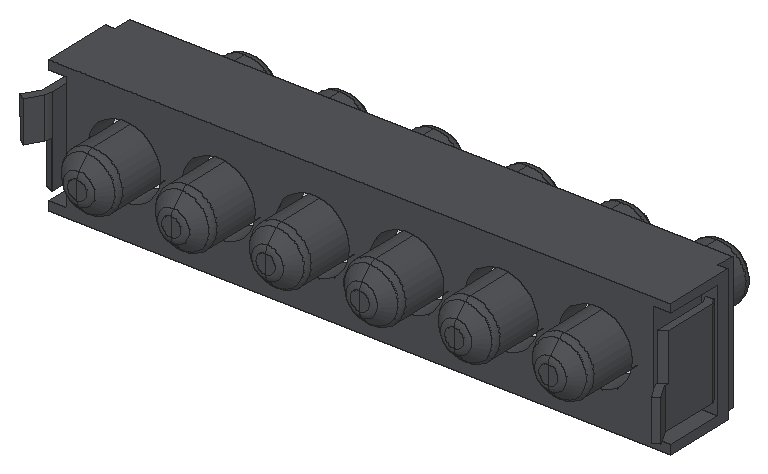
Revit family "ST 6 fibres", category Installations électriques, Revit 2020
Family settings
  Conserver l'orientation des annotations = Non
  Cote de connecteur circulaire = Utiliser le diamètre
  Type d'élément = Normal
  Basée sur le plan de construction = Non
  Toujours verticalement = Oui
  Couper avec des vides une fois chargée = Non
  Partagée = Non
  Point de calcul de pièce = Non
Parameters (values of type "Bloc ST 6 fibres multimode")
  Type de fibre optique = "Multimode"
  Type de connecteur interne = "ST_DUPLEX"
  Type de connecteur externe = "ST_DUPLEX"
  Température de stockage = "-10°C à 60°C"
  Température de fonctionnement = "-10°C à 60°C"
  Référence Legrand = "032127"
  RAL = "9017"
  Profondeur = 38.7 mm
  Nombre de connecteurs = 6
  Lien e-catalogue = "https://www.legrand.fr/reference/032127/pro"
  Libellé BIM = "Bloc ST 6 fibres multimode"
  Largeur (mm) = 108.8 mm
  IP = "IP20"
  IK = "IK04"
  Hauteur = 23 mm
  Fonction = "Panneaux de brassage à connecteur optique Legrand"
  Elévation par défaut = 0 mm
  EAN = "3414970961914"
  Couleur des connecteurs = IDS_NOIR
  Couleur = IDS_NOIR
  Classe ETIM = "EC001130"
Types (2, lengths in mm): name | Type de fibre optique | Référence Legrand | Lien e-catalogue | Libellé BIM | EAN | Couleur des connecteurs
  Bloc ST 6 fibres monomode | "Monomode" | "032117" | "https://www.legrand.fr/reference/032117/pro" | "Bloc ST 6 fibres monomode" | "3414970961792" | IDS_ROUGE
  Bloc ST 6 fibres multimode | "Multimode" | "032127" | "https://www.legrand.fr/reference/032127/pro" | "Bloc ST 6 fibres multimode" | "3414970961914" | IDS_NOIR
Reference planes
  plane 1 "Centre (avant/arrière)": y = 0
  plane 2: z = 0
  plane 3 "Centre (gauche/droite)": x = 0
  plane 4 "Clip bas": z = 4
  plane 5 "Clip haut": z = 19
  plane 6: x = 105.5
  plane 7: x = 52.75
  plane 8: through (0.797, -2.504, 1200) normal (-0.866, 0.5, 0)
  plane 9: z = 12
  plane 10: x = 12.75
  plane 11: x = 28.75
  plane 12: z = 23
  plane 13: x = 44.75
  plane 14: x = 60.75
  plane 15: x = 76.75
  plane 16: x = 92.75
  plane 17: y = -3.5
  plane 18: y = 25.5
  plane 19: y = 11
Forms (mm)
  Extrusion 1, solid, material "IDS_NOIR"
    sketch origin (0, 0, 0) x (1, 0, 0) y (0, 1, 0)
      loop
        line (0, 0) -> (105.5, 0) -> (105.5, 12) -> (103.9, 12) -> (103.9, 15) -> (1.6, 15) -> (1.6, 12) -> (0, 12) -> (0, 0)
    from 0 to 23
  Extrusion 2, void
    sketch origin (0, 0, 0) x (-1, 0, 0) y (0, 0, 1)
      loop
        line (0, 21.5) -> (-3, 21.5) -> (-3, 1.5) -> (0, 1.5) -> (0, 21.5)
      loop
        line (-105.5, 21.5) -> (-105.5, 1.5) -> (-102.5, 1.5) -> (-102.5, 21.5) -> (-105.5, 21.5)
    from 0 to 10
  Extrusion 3, solid, material "IDS_NOIR"
    sketch origin (0, 25.162, 4) x (0, 1, 0) y (-1, 0, 0)
      loop
        line (-29.912, 0.5) -> (-27.374, -0.965)
        arc (-27.374, -0.965) -> (-26.771, -1.215) -> (-26.124, -1.3) r 2.5
        line (-26.124, -1.3) -> (-16.662, -1.3) -> (-15.162, -2.166) -> (-15.162, -0.665) -> (-16.313, 0) -> (-26.446, 0) -> (-29.262, 1.626) -> (-29.912, 0.5)
      loop
        line (-29.912, -106) -> (-29.262, -107.126) -> (-26.446, -105.5) -> (-16.313, -105.5) -> (-15.162, -104.835) -> (-15.162, -103.334) -> (-16.662, -104.2) -> (-26.124, -104.2)
        arc (-26.124, -104.2) -> (-26.771, -104.285) -> (-27.374, -104.535) r 2.5
        line (-27.374, -104.535) -> (-29.912, -106)
    from 0 to 15
  Extrusion 4, void
    sketch origin (0.797, -2.504, 1200) x (0.5, 0.866025, 0) y (0, 0, 1)
      loop
        line (-2.593, -1196) -> (1.407, -1196) -> (1.407, -1188) -> (-2.593, -1188) -> (-2.593, -1196)
    from 0 to -2.615
  Extrusion 5, void
    sketch origin (104.703, -2.504, 1200) x (-0.5, 0.866025, 0) y (0, 0, -1)
      loop
        line (-2.593, 1181) -> (1.407, 1181) -> (1.407, 1189) -> (-2.593, 1189) -> (-2.593, 1181)
    from 0 to -2.615
  Extrusion 6, void
    sketch origin (0, 0, 0) x (-1, 0, 0) y (0, 0, 1)
      loop
        circle (-12.75, 12) r 6.25
      loop
        circle (-28.75, 12) r 6.25
      loop
        circle (-44.75, 12) r 6.25
      loop
        circle (-60.75, 12) r 6.25
      loop
        circle (-76.75, 12) r 6.25
      loop
        circle (-92.75, 12) r 6.25
    from 0 to 15
  Extrusion 7, solid, material "IDS_BLANC"
    sketch origin (-10, 15, 0) x (1, 0, 0) y (0, 0, -1)
      loop
        circle (22.75, -12) r 5.5
      loop
        circle (38.75, -12) r 5.5
      loop
        circle (54.75, -12) r 5.5
      loop
        circle (70.75, -12) r 5.5
      loop
        circle (86.75, -12) r 5.5
      loop
        circle (102.75, -12) r 5.5
    from 0 to -11
  Revolve 8, solid, material "IDS_NOIR" <- "Couleur des connecteurs"
    sketch origin (12.75, -1524, 1.878) x (0, 0, -1) y (0, -1, 0)
      loop
        line (-15.122, -1528) -> (-10.122, -1528) -> (-10.122, -1514) -> (-11.747, -1514)
        arc (-11.747, -1514) -> (-12.321, -1514.114) -> (-12.807, -1514.439) r 1.5
        line (-12.807, -1514.439) -> (-14.682, -1516.315)
        arc (-14.682, -1516.315) -> (-15.008, -1516.801) -> (-15.122, -1517.375) r 1.5
        line (-15.122, -1517.375) -> (-15.122, -1528)
      axis (-10.122, -1514) -> (-10.122, -1528)
    angle from 0 to 360
  Revolve 9, solid, material "IDS_NOIR" <- "Couleur des connecteurs"
    sketch origin (12.75, 1542.962, 1.878) x (0, 0, -1) y (0, -1, 0)
      loop
        line (-15.122, 1527.962) -> (-15.122, 1517.375)
        arc (-15.122, 1517.375) -> (-15.008, 1516.801) -> (-14.682, 1516.315) r 1.5
        line (-14.682, 1516.315) -> (-12.769, 1514.401)
        arc (-12.769, 1514.401) -> (-12.283, 1514.076) -> (-11.709, 1513.962) r 1.5
        line (-11.709, 1513.962) -> (-10.122, 1513.962) -> (-10.122, 1527.962) -> (-15.122, 1527.962)
      axis (-10.122, 1513.962) -> (-10.122, 1527.962)
    angle from 0 to 360
  Revolve 10, solid, material "IDS_NOIR" <- "Couleur des connecteurs"
    sketch origin (28.75, -1524, 1.878) x (0, 0, -1) y (0, -1, 0)
      loop
        line (-15.122, -1528) -> (-10.122, -1528) -> (-10.122, -1514) -> (-11.747, -1514)
        arc (-11.747, -1514) -> (-12.321, -1514.114) -> (-12.807, -1514.439) r 1.5
        line (-12.807, -1514.439) -> (-14.682, -1516.315)
        arc (-14.682, -1516.315) -> (-15.008, -1516.801) -> (-15.122, -1517.375) r 1.5
        line (-15.122, -1517.375) -> (-15.122, -1528)
      axis (-10.122, -1514) -> (-10.122, -1528)
    angle from 0 to 360
  Revolve 11, solid, material "IDS_NOIR" <- "Couleur des connecteurs"
    sketch origin (28.75, 1542.962, 1.878) x (0, 0, -1) y (0, -1, 0)
      loop
        line (-15.122, 1527.962) -> (-15.122, 1517.375)
        arc (-15.122, 1517.375) -> (-15.008, 1516.801) -> (-14.682, 1516.315) r 1.5
        line (-14.682, 1516.315) -> (-12.769, 1514.401)
        arc (-12.769, 1514.401) -> (-12.283, 1514.076) -> (-11.709, 1513.962) r 1.5
        line (-11.709, 1513.962) -> (-10.122, 1513.962) -> (-10.122, 1527.962) -> (-15.122, 1527.962)
      axis (-10.122, 1513.962) -> (-10.122, 1527.962)
    angle from 0 to 360
  Revolve 12, solid, material "IDS_NOIR" <- "Couleur des connecteurs"
    sketch origin (44.75, -1524, 1.878) x (0, 0, -1) y (0, -1, 0)
      loop
        line (-15.122, -1528) -> (-10.122, -1528) -> (-10.122, -1514) -> (-11.747, -1514)
        arc (-11.747, -1514) -> (-12.321, -1514.114) -> (-12.807, -1514.439) r 1.5
        line (-12.807, -1514.439) -> (-14.682, -1516.315)
        arc (-14.682, -1516.315) -> (-15.008, -1516.801) -> (-15.122, -1517.375) r 1.5
        line (-15.122, -1517.375) -> (-15.122, -1528)
      axis (-10.122, -1514) -> (-10.122, -1528)
    angle from 0 to 360
  Revolve 13, solid, material "IDS_NOIR" <- "Couleur des connecteurs"
    sketch origin (44.75, 1542.962, 1.878) x (0, 0, -1) y (0, -1, 0)
      loop
        line (-15.122, 1527.962) -> (-15.122, 1517.375)
        arc (-15.122, 1517.375) -> (-15.008, 1516.801) -> (-14.682, 1516.315) r 1.5
        line (-14.682, 1516.315) -> (-12.769, 1514.401)
        arc (-12.769, 1514.401) -> (-12.283, 1514.076) -> (-11.709, 1513.962) r 1.5
        line (-11.709, 1513.962) -> (-10.122, 1513.962) -> (-10.122, 1527.962) -> (-15.122, 1527.962)
      axis (-10.122, 1513.962) -> (-10.122, 1527.962)
    angle from 0 to 360
  Revolve 14, solid, material "IDS_NOIR" <- "Couleur des connecteurs"
    sketch origin (60.75, -1524, 1.878) x (0, 0, -1) y (0, -1, 0)
      loop
        line (-15.122, -1528) -> (-10.122, -1528) -> (-10.122, -1514) -> (-11.747, -1514)
        arc (-11.747, -1514) -> (-12.321, -1514.114) -> (-12.807, -1514.439) r 1.5
        line (-12.807, -1514.439) -> (-14.682, -1516.315)
        arc (-14.682, -1516.315) -> (-15.008, -1516.801) -> (-15.122, -1517.375) r 1.5
        line (-15.122, -1517.375) -> (-15.122, -1528)
      axis (-10.122, -1514) -> (-10.122, -1528)
    angle from 0 to 360
  Revolve 15, solid, material "IDS_NOIR" <- "Couleur des connecteurs"
    sketch origin (60.75, 1542.962, 1.878) x (0, 0, -1) y (0, -1, 0)
      loop
        line (-15.122, 1527.962) -> (-15.122, 1517.375)
        arc (-15.122, 1517.375) -> (-15.008, 1516.801) -> (-14.682, 1516.315) r 1.5
        line (-14.682, 1516.315) -> (-12.769, 1514.401)
        arc (-12.769, 1514.401) -> (-12.283, 1514.076) -> (-11.709, 1513.962) r 1.5
        line (-11.709, 1513.962) -> (-10.122, 1513.962) -> (-10.122, 1527.962) -> (-15.122, 1527.962)
      axis (-10.122, 1513.962) -> (-10.122, 1527.962)
    angle from 0 to 360
  Revolve 16, solid, material "IDS_NOIR" <- "Couleur des connecteurs"
    sketch origin (76.75, -1524, 1.878) x (0, 0, -1) y (0, -1, 0)
      loop
        line (-15.122, -1528) -> (-10.122, -1528) -> (-10.122, -1514) -> (-11.747, -1514)
        arc (-11.747, -1514) -> (-12.321, -1514.114) -> (-12.807, -1514.439) r 1.5
        line (-12.807, -1514.439) -> (-14.682, -1516.315)
        arc (-14.682, -1516.315) -> (-15.008, -1516.801) -> (-15.122, -1517.375) r 1.5
        line (-15.122, -1517.375) -> (-15.122, -1528)
      axis (-10.122, -1514) -> (-10.122, -1528)
    angle from 0 to 360
  Revolve 17, solid, material "IDS_NOIR" <- "Couleur des connecteurs"
    sketch origin (76.75, 1542.962, 1.878) x (0, 0, -1) y (0, -1, 0)
      loop
        line (-15.122, 1527.962) -> (-15.122, 1517.375)
        arc (-15.122, 1517.375) -> (-15.008, 1516.801) -> (-14.682, 1516.315) r 1.5
        line (-14.682, 1516.315) -> (-12.769, 1514.401)
        arc (-12.769, 1514.401) -> (-12.283, 1514.076) -> (-11.709, 1513.962) r 1.5
        line (-11.709, 1513.962) -> (-10.122, 1513.962) -> (-10.122, 1527.962) -> (-15.122, 1527.962)
      axis (-10.122, 1513.962) -> (-10.122, 1527.962)
    angle from 0 to 360
  Revolve 18, solid, material "IDS_NOIR" <- "Couleur des connecteurs"
    sketch origin (92.75, -1524, 1.878) x (0, 0, -1) y (0, -1, 0)
      loop
        line (-15.122, -1528) -> (-10.122, -1528) -> (-10.122, -1514) -> (-11.747, -1514)
        arc (-11.747, -1514) -> (-12.321, -1514.114) -> (-12.807, -1514.439) r 1.5
        line (-12.807, -1514.439) -> (-14.682, -1516.315)
        arc (-14.682, -1516.315) -> (-15.008, -1516.801) -> (-15.122, -1517.375) r 1.5
        line (-15.122, -1517.375) -> (-15.122, -1528)
      axis (-10.122, -1514) -> (-10.122, -1528)
    angle from 0 to 360
  Revolve 19, solid, material "IDS_NOIR" <- "Couleur des connecteurs"
    sketch origin (92.75, 1542.962, 1.878) x (0, 0, -1) y (0, -1, 0)
      loop
        line (-15.122, 1527.962) -> (-15.122, 1517.375)
        arc (-15.122, 1517.375) -> (-15.008, 1516.801) -> (-14.682, 1516.315) r 1.5
        line (-14.682, 1516.315) -> (-12.769, 1514.401)
        arc (-12.769, 1514.401) -> (-12.283, 1514.076) -> (-11.709, 1513.962) r 1.5
        line (-11.709, 1513.962) -> (-10.122, 1513.962) -> (-10.122, 1527.962) -> (-15.122, 1527.962)
      axis (-10.122, 1513.962) -> (-10.122, 1527.962)
    angle from 0 to 360
Cuts and joins
  Extrusion 2, Extrusion 6 cuts Extrusion 1
  Extrusion 4, Extrusion 5 cuts Extrusion 3
Dimensions and locks
  locked: plane 1 "Centre (avant/arrière)" to Extrusion 1 sketch curve at 15
  locked: Extrusion 1 sketch curve to Extrusion 1 sketch curve at 105.5
  locked: Extrusion 1 sketch curve to Extrusion 1 sketch curve at 1.6  (x2)
  locked: Extrusion 1 sketch curve to Extrusion 1 sketch curve at 12
  locked: Extrusion 2 sketch curve to level at 1.5
  locked: Extrusion 1 to Extrusion 2 sketch curve at 1.5
  locked: Extrusion 2 sketch curve to plane 3 "Centre (gauche/droite)" at 3
  locked: Extrusion 2 sketch curve to Extrusion 1 at 3
  plane 4 "Clip bas" to level = 4 mm
  cut or joined group of Extrusion 1, Extrusion 2, Extrusion 6 to plane 5 "Clip haut" = 4 mm
  locked: Extrusion 3 sketch curve to plane 3 "Centre (gauche/droite)" at 0.5
  locked: Extrusion 3 sketch curve to plane 1 "Centre (avant/arrière)" at 4.75
  locked: plane 3 "Centre (gauche/droite)" to Extrusion 3 sketch curve at 1.3
  plane 1 "Centre (avant/arrière)" to Extrusion 3 sketch curve = 8.5 mm
  equal spacing: plane 3 "Centre (gauche/droite)", plane 7, plane 6, locked at 52.75 each
  locked: Extrusion 3 to Extrusion 4 sketch curve at 4
  locked: Extrusion 3 to Extrusion 4 sketch curve at 8
  cut or joined group of Extrusion 3, Extrusion 4, Extrusion 5 to Extrusion 5 sketch curve = 8 mm
  Extrusion 5 sketch curve to cut or joined group of Extrusion 3, Extrusion 4, Extrusion 5 = 4 mm
  locked: plane 12 to level at 23
  locked: plane 17 to cut or joined group of Extrusion 1, Extrusion 2, Extrusion 6 at 3.5
  locked: plane 18 to cut or joined group of Extrusion 1, Extrusion 2, Extrusion 6 at 10.5
  equal spacing: plane 18, plane 19, plane 17
  locked: plane 10 to plane 3 "Centre (gauche/droite)" at 12.75
  locked: plane 6 to plane 16 at 12.75
  plane 10 to plane 11 to plane 13 to plane 14 to plane 15 to plane 16 = 16 mm locked, 16 mm locked, 16 mm locked, 16 mm locked, 16 mm locked
  plane 9 to level = 12 mm
  Extrusion 7 to Revolve 8 sketch curve = 14 mm
  Revolve 8 sketch curve to Revolve 8 sketch curve = 1.625 mm
  Revolve 8 sketch curve to Revolve 8 sketch curve = 5 mm
  Revolve 9 sketch curve to Revolve 9 sketch curve = 1.587 mm
  Revolve 9 sketch curve to Revolve 9 sketch curve = 5 mm
  Revolve 9 sketch curve to cut or joined group of Extrusion 1, Extrusion 2, Extrusion 6 = 14 mm
  Revolve 10 sketch curve to Revolve 10 sketch curve = 1.625 mm
  Revolve 10 sketch curve to Revolve 10 sketch curve = 5 mm
  Revolve 11 sketch curve to Revolve 11 sketch curve = 1.587 mm
  Revolve 11 sketch curve to Revolve 11 sketch curve = 5 mm
  Revolve 12 sketch curve to Revolve 12 sketch curve = 1.625 mm
  Revolve 12 sketch curve to Revolve 12 sketch curve = 5 mm
  Revolve 13 sketch curve to Revolve 13 sketch curve = 1.587 mm
  Revolve 13 sketch curve to Revolve 13 sketch curve = 5 mm
  Revolve 14 sketch curve to Revolve 14 sketch curve = 1.625 mm
  Revolve 14 sketch curve to Revolve 14 sketch curve = 5 mm
  Revolve 15 sketch curve to Revolve 15 sketch curve = 1.587 mm
  Revolve 15 sketch curve to Revolve 15 sketch curve = 5 mm
  Revolve 16 sketch curve to Revolve 16 sketch curve = 1.625 mm
  Revolve 16 sketch curve to Revolve 16 sketch curve = 5 mm
  Revolve 17 sketch curve to Revolve 17 sketch curve = 1.587 mm
  Revolve 17 sketch curve to Revolve 17 sketch curve = 5 mm
  Revolve 18 sketch curve to Revolve 18 sketch curve = 1.625 mm
  Revolve 18 sketch curve to Revolve 18 sketch curve = 5 mm
  Revolve 19 sketch curve to Revolve 19 sketch curve = 1.587 mm
  Revolve 19 sketch curve to Revolve 19 sketch curve = 5 mm
  radius of Extrusion 7 sketch curve = 5.5 mm
  locked: cut or joined group of Extrusion 1, Extrusion 2, Extrusion 6 to Extrusion 3 sketch curve (angle 60.00°)
  angle Revolve 8 sketch curve to Revolve 8 sketch curve = 45.00°
  angle Revolve 9 sketch curve to Revolve 9 sketch curve = 45.00°
  angle Revolve 10 sketch curve to Revolve 10 sketch curve = 45.00°
  angle Revolve 11 sketch curve to Revolve 11 sketch curve = 45.00°
  angle Revolve 12 sketch curve to Revolve 12 sketch curve = 45.00°
  angle Revolve 13 sketch curve to Revolve 13 sketch curve = 45.00°
  angle Revolve 14 sketch curve to Revolve 14 sketch curve = 45.00°
  angle Revolve 15 sketch curve to Revolve 15 sketch curve = 45.00°
  angle Revolve 16 sketch curve to Revolve 16 sketch curve = 45.00°
  angle Revolve 17 sketch curve to Revolve 17 sketch curve = 45.00°
  angle Revolve 18 sketch curve to Revolve 18 sketch curve = 45.00°
  angle Revolve 19 sketch curve to Revolve 19 sketch curve = 45.00°
  aligned and locked: level to plane 2
  aligned and locked: plane 5 "Clip haut" to Extrusion 3
  aligned and locked: Extrusion 3 to plane 4 "Clip bas"
  aligned and locked: plane 6 to cut or joined group of Extrusion 1, Extrusion 2, Extrusion 6
  aligned and locked: Extrusion 4 sketch curve to Extrusion 3
  aligned and locked: Extrusion 3 to Extrusion 4 sketch curve
  aligned and locked: plane 8 to Extrusion 3
  aligned and locked: Extrusion 5 sketch curve to cut or joined group of Extrusion 3, Extrusion 4, Extrusion 5
  aligned and locked: plane 12 to cut or joined group of Extrusion 1, Extrusion 2, Extrusion 6
  aligned and locked: Extrusion 2 sketch curve to Extrusion 2 sketch curve  (x2)
  aligned and locked: cut or joined group of Extrusion 1, Extrusion 2, Extrusion 6 to Extrusion 6
  aligned and locked: Revolve 9 sketch curve to Revolve 9 sketch curve
  aligned and locked: Revolve 11 sketch curve to Revolve 11 sketch curve
  aligned and locked: Revolve 13 sketch curve to Revolve 13 sketch curve
  aligned and locked: Revolve 15 sketch curve to Revolve 15 sketch curve
  aligned and locked: Revolve 17 sketch curve to Revolve 17 sketch curve
  aligned and locked: Revolve 19 sketch curve to Revolve 19 sketch curve
Automatic sketch dimensions
  plane 1 "Centre (avant/arrière)" to Extrusion 1 sketch curve = 0 mm
  Extrusion 1 sketch curve to plane 3 "Centre (gauche/droite)" = 0 mm
  plane 19 to Extrusion 1 sketch curve = 1 mm
  plane 6 to Extrusion 2 sketch curve = 0 mm
  Extrusion 2 sketch curve to plane 3 "Centre (gauche/droite)" = 0 mm
  Extrusion 3 sketch curve to plane 6 = 0 mm
  Extrusion 3 sketch curve to plane 3 "Centre (gauche/droite)" = 0 mm
  Extrusion 3 sketch curve to plane 17 = 1.25 mm
  Extrusion 3 sketch curve to plane 17 = 0.6 mm  (x2)
  plane 3 "Centre (gauche/droite)" to Extrusion 3 sketch curve = 0.965 mm
  plane 17 to Extrusion 3 sketch curve = 1.288 mm
  plane 1 "Centre (avant/arrière)" to Extrusion 3 sketch curve = 1.284 mm
  plane 1 "Centre (avant/arrière)" to Extrusion 3 sketch curve = 0.962 mm  (x2)
  Extrusion 3 sketch curve to plane 19 = 2.5 mm
  Extrusion 3 sketch curve to Extrusion 3 sketch curve = 0.348 mm  (x2)
  Extrusion 3 sketch curve to plane 19 = 1 mm  (x2)
  Extrusion 3 sketch curve to plane 6 = 0.5 mm
  Extrusion 3 sketch curve to plane 6 = 1.2 mm
  plane 6 to Extrusion 3 sketch curve = 0.665 mm
  Extrusion 3 sketch curve to Extrusion 3 sketch curve = 1.501 mm
  Extrusion 3 sketch curve to Extrusion 3 sketch curve = 0.866 mm
  plane 3 "Centre (gauche/droite)" to Extrusion 3 sketch curve = 0.665 mm
  Extrusion 5 sketch curve to Extrusion 5 sketch curve = 4 mm
  Extrusion 6 sketch curve to plane 9 = 0 mm  (x6)
  Extrusion 6 sketch curve to plane 16 = 0 mm
  plane 15 to Extrusion 6 sketch curve = 0 mm
  plane 14 to Extrusion 6 sketch curve = 0 mm
  plane 13 to Extrusion 6 sketch curve = 0 mm
  plane 11 to Extrusion 6 sketch curve = 0 mm
  plane 10 to Extrusion 6 sketch curve = 0 mm
  Extrusion 7 sketch curve to Extrusion 1 = 11.15 mm
  Extrusion 7 sketch curve to Extrusion 7 sketch curve = 16 mm  (x4)
  Extrusion 1 to Extrusion 7 sketch curve = 11.15 mm
  Extrusion 1 to Extrusion 7 sketch curve = 11 mm  (x6)
  Revolve 8 sketch curve to plane 9 = 0 mm  (x2)
  Revolve 8 sketch curve to Revolve 8 sketch curve = 0.439 mm  (x2)
  Revolve 8 sketch curve to Revolve 8 sketch curve = 1.061 mm
  Revolve 8 sketch curve to plane 1 "Centre (avant/arrière)" = 4 mm
  Revolve 8 sketch curve to Revolve 8 sketch curve = 0 mm  (x2)
  Revolve 9 sketch curve to plane 9 = 0 mm  (x2)
  Revolve 9 sketch curve to Revolve 9 sketch curve = 0.439 mm  (x2)
  Revolve 9 sketch curve to Revolve 9 sketch curve = 1.061 mm
  plane 19 to Revolve 9 sketch curve = 4 mm
  Revolve 9 sketch curve to Revolve 9 sketch curve = 0.038 mm
  Revolve 10 sketch curve to plane 9 = 0 mm  (x2)
  Revolve 10 sketch curve to Revolve 10 sketch curve = 0.439 mm
  Revolve 10 sketch curve to Revolve 10 sketch curve = 1.061 mm  (x2)
  Revolve 10 sketch curve to plane 1 "Centre (avant/arrière)" = 4 mm
  Revolve 10 sketch curve to plane 17 = 3.125 mm
  Revolve 10 sketch curve to Revolve 10 sketch curve = 0 mm  (x2)
  Revolve 11 sketch curve to plane 9 = 0 mm  (x2)
  plane 18 to Revolve 11 sketch curve = 1.148 mm
  Revolve 11 sketch curve to Revolve 11 sketch curve = 0.439 mm  (x2)
  Revolve 11 sketch curve to Revolve 11 sketch curve = 1.061 mm
  plane 19 to Revolve 11 sketch curve = 4 mm
  Revolve 11 sketch curve to Revolve 11 sketch curve = 0.038 mm
  Revolve 12 sketch curve to plane 9 = 0 mm  (x2)
  Revolve 12 sketch curve to Revolve 12 sketch curve = 0.439 mm
  Revolve 12 sketch curve to Revolve 12 sketch curve = 1.061 mm  (x2)
  Revolve 12 sketch curve to plane 1 "Centre (avant/arrière)" = 4 mm
  Revolve 12 sketch curve to plane 17 = 3.125 mm
  Revolve 12 sketch curve to Revolve 12 sketch curve = 0 mm  (x2)
  Revolve 13 sketch curve to plane 9 = 0 mm  (x2)
  plane 18 to Revolve 13 sketch curve = 1.148 mm
  Revolve 13 sketch curve to Revolve 13 sketch curve = 0.439 mm  (x2)
  Revolve 13 sketch curve to Revolve 13 sketch curve = 1.061 mm
  plane 19 to Revolve 13 sketch curve = 4 mm
  Revolve 13 sketch curve to Revolve 13 sketch curve = 0.038 mm
  Revolve 14 sketch curve to plane 9 = 0 mm  (x2)
  Revolve 14 sketch curve to Revolve 14 sketch curve = 0.439 mm
  Revolve 14 sketch curve to Revolve 14 sketch curve = 1.061 mm  (x2)
  Revolve 14 sketch curve to plane 1 "Centre (avant/arrière)" = 4 mm
  Revolve 14 sketch curve to plane 17 = 3.125 mm
  Revolve 14 sketch curve to Revolve 14 sketch curve = 0 mm  (x2)
  Revolve 15 sketch curve to plane 9 = 0 mm  (x2)
  plane 18 to Revolve 15 sketch curve = 1.148 mm
  Revolve 15 sketch curve to Revolve 15 sketch curve = 0.439 mm  (x2)
  Revolve 15 sketch curve to Revolve 15 sketch curve = 1.061 mm
  plane 19 to Revolve 15 sketch curve = 4 mm
  Revolve 15 sketch curve to Revolve 15 sketch curve = 0.038 mm
  Revolve 16 sketch curve to plane 9 = 0 mm  (x2)
  Revolve 16 sketch curve to Revolve 16 sketch curve = 0.439 mm
  Revolve 16 sketch curve to Revolve 16 sketch curve = 1.061 mm  (x2)
  Revolve 16 sketch curve to plane 1 "Centre (avant/arrière)" = 4 mm
  Revolve 16 sketch curve to plane 17 = 3.125 mm
  Revolve 16 sketch curve to Revolve 16 sketch curve = 0 mm  (x2)
  Revolve 17 sketch curve to plane 9 = 0 mm  (x2)
  plane 18 to Revolve 17 sketch curve = 1.148 mm
  Revolve 17 sketch curve to Revolve 17 sketch curve = 0.439 mm  (x2)
  Revolve 17 sketch curve to Revolve 17 sketch curve = 1.061 mm
  plane 19 to Revolve 17 sketch curve = 4 mm
  Revolve 17 sketch curve to Revolve 17 sketch curve = 0.038 mm
  Revolve 18 sketch curve to plane 9 = 0 mm  (x2)
  Revolve 18 sketch curve to Revolve 18 sketch curve = 0.439 mm
  Revolve 18 sketch curve to Revolve 18 sketch curve = 1.061 mm  (x2)
  Revolve 18 sketch curve to plane 1 "Centre (avant/arrière)" = 4 mm
  Revolve 18 sketch curve to plane 17 = 3.125 mm
  Revolve 18 sketch curve to Revolve 18 sketch curve = 0 mm  (x2)
  Revolve 19 sketch curve to plane 9 = 0 mm  (x2)
  plane 18 to Revolve 19 sketch curve = 1.148 mm
  Revolve 19 sketch curve to Revolve 19 sketch curve = 0.439 mm  (x2)
  Revolve 19 sketch curve to Revolve 19 sketch curve = 1.061 mm
  plane 19 to Revolve 19 sketch curve = 4 mm
  Revolve 19 sketch curve to Revolve 19 sketch curve = 0.038 mm
  radius of Extrusion 6 sketch curve = 6.25 mm  (x6)
  radius of Extrusion 7 sketch curve = 5.5 mm  (x5)
